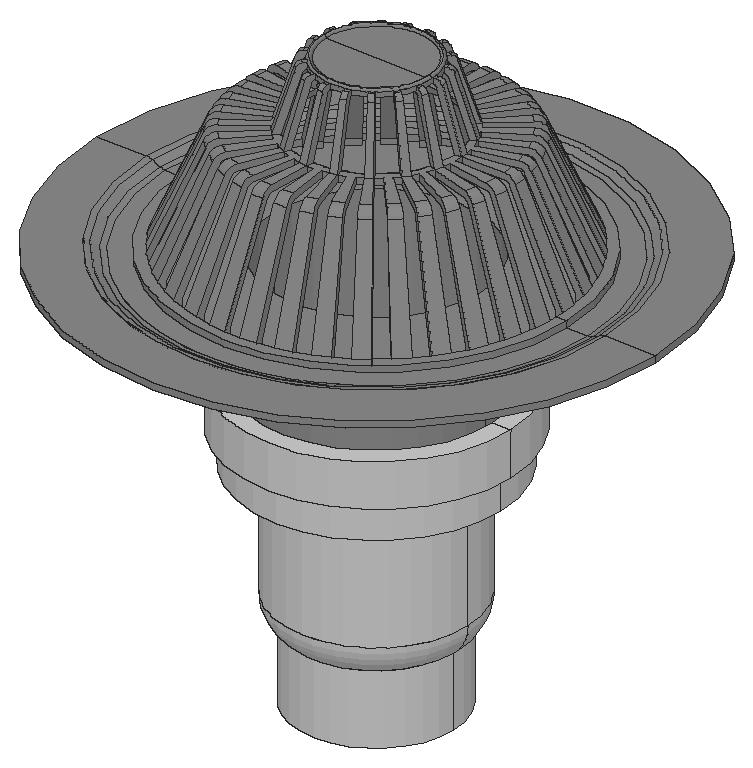
Revit family "PX_SEQ_HyDrain-Bottom-Outlet-75mm_PC097803", category Plumbing Fixtures, Revit 2016
Family settings
  Part Type = Normal
  Round Connector Dimension = Use Diameter
  Work Plane-Based = No
  Always vertical = Yes
  Cut with Voids When Loaded = No
  Shared = No
  Room Calculation Point = No
Parameters (values of type "HyDrain Complete   75mm  OD Vertical")
  URL for TCP = "http://www.tcpbim.co.za"
  URL = "https://seaqual.co.za/collections/external-surface-drains/products/hydrain-complete-75mm-bottom-outlet"
  Type Comments = "HyDrain Complete 75 B/O 75mm  OD Vertical"
  Rubber = Rubber
  Plastic = Plastic
  Model = "097703"
  Manufacturer = "Seaqual"
  Made by = "Tolani Civil Projects cc"
  ASAQS Code = "6.605.10"
Reference planes
  plane 1 "Center (Front/Back)": y = 0
  plane 2: z = 0
  plane 3 "Center (Left/Right)": x = 0
  plane 4: z = 4
  plane 5: z = -5
  plane 6: x = -63
  plane 7: x = -64.439
  plane 8: x = -60.879
  plane 9: z = -33
  plane 10: x = -50.079
  plane 11: x = -47.079
  plane 12: z = -108.9
  plane 13: z = -105.9
  plane 14: z = -2
  plane 15: x = 86.5
  plane 16: z = -68.6
  plane 17: x = -56.6
  plane 18: z = 2
  plane 19: z = -13.7
  plane 20: x = 64.439
  plane 21: x = 60.359
  plane 22: z = 0
  plane 23: x = 51.639
  plane 24: z = 1
  plane 25: z = -6.771
  plane 26: x = 58.359
  plane 27: x = 60.875
  plane 28: x = 52.5
  plane 29: x = -51.8
  plane 30: x = -48.8
  plane 31: z = -104.2
  plane 32: z = -101.2
  plane 33: x = -37.5
  plane 34: x = -34.5
  plane 35: z = -136.4
  plane 36: z = -16.7
  plane 37: z = -30
  plane 38: x = -67.439
  plane 39: x = -53.6
  plane 40: x = -44.6
  plane 41: x = -41.6
  plane 42: x = -59.6
  plane 43: x = -64.132
  plane 44: z = 59.011
  plane 45: z = 55.17
Forms (mm)
  Revolve 1, solid, material "Rubber" <- "Rubber"
    sketch origin (0, 0, 0) x (1, 0, 0) y (0, 0, 1)
      loop
        line (60.875, 1) -> (64.439, 1) -> (64.439, 2) -> (60.359, 2) -> (60.359, 1)
        arc (60.359, 1) -> (59.157, -3.486) -> (55.873, -6.771) r 8.973
        line (55.873, -6.771) -> (58.359, -6.771)
        arc (58.359, -6.771) -> (55.621, -10.397) -> (52.5, -13.7) r 41.305
        line (52.5, -13.7) -> (60.875, -13.7) -> (60.875, 1)
      axis (0, 2) -> (0, -13.7)
    angle from 0 to 360
  Revolve 2, solid, material "Plastic" <- "Plastic"
    sketch origin (0, 0, 0) x (1, 0, 0) y (0, 0, 1)
      loop
        line (-37.5, -94.479) -> (-37.5, -136.4) -> (-34.5, -136.4) -> (-34.5, -94.479) -> (-37.5, -94.479)
      axis (0, -94.479) -> (0, -136.4)
    angle from 0 to 360
  Extrusion 3, void
    sketch origin (0, 0, 0) x (1, 0, 0) y (0, 1, 0)
      loop
        circle (0, 0) r 34.5
    from -136.4 to -101.2
  Revolve 4, solid, material "Plastic" <- "Plastic"
    sketch origin (0, 0, 0) x (1, 0, 0) y (0, 0, 1)
      loop
        line (-56.6, 2) -> (-56.6, 4) -> (-65.43, 4) -> (-65.43, -16.7) -> (-60.53, -16.7) -> (-60.53, -33) -> (-44.6, -33) -> (-44.6, -88.592)
        arc (-44.6, -88.592) -> (-39.531, -100.831) -> (-27.292, -105.9) r 17.308
        line (-27.292, -105.9) -> (0, -105.9) -> (0, -101.2) -> (-26.6, -101.2)
        arc (-26.6, -101.2) -> (-37.207, -96.807) -> (-41.6, -86.2) r 15
        line (-41.6, -86.2) -> (-41.6, -30) -> (-44.6, -30) -> (-56.6, -30) -> (-56.6, -13.7) -> (-62.43, -13.7) -> (-62.43, 2) -> (-56.6, 2)
      axis (0, 4) -> (0, -105.9)
    angle from 0 to 360
Cuts and joins
  Extrusion 3 cuts Revolve 2
  Extrusion 3 cuts Revolve 4
  joined: Revolve 2, Revolve 4
Dimensions and locks
  locked: plane 10 to plane 8 at 10.8
  locked: plane 11 to plane 10 at 3
  locked: plane 8 to plane 6 at 2.121
  locked: plane 6 to plane 7 at 1.439
  locked: plane 4 to level at 4
  locked: level to plane 5 at 5
  locked: plane 5 to plane 9 at 28
  locked: plane 13 to plane 12 at 3
  locked: plane 28 to plane 3 "Center (Left/Right)" at 52.5
  Revolve 1 sketch curve to Revolve 1 sketch curve to plane 27 = 2.486 mm locked, 2.515 mm locked
  Revolve 2 sketch curve to plane 12 to Revolve 2 sketch curve = 27.5 mm, 14.421 mm
  locked: plane 44 to plane 4 at 55.011
  locked: plane 45 to plane 4 at 51.17
  aligned and locked: level to plane 2
  aligned and locked: plane 27 to Revolve 1 sketch curve  (x2)
  aligned and locked: Revolve 1 sketch curve to plane 24
  aligned and locked: plane 20 to Revolve 1 sketch curve
  aligned and locked: plane 21 to Revolve 1 sketch curve
  aligned and locked: plane 19 to Revolve 1 sketch curve
  aligned and locked: Revolve 1 sketch curve to plane 21
  aligned and locked: plane 28 to Revolve 1 sketch curve
  aligned and locked: plane 18 to Revolve 1 sketch curve
  aligned and locked: plane 25 to Revolve 1 sketch curve
  aligned and locked: Revolve 1 sketch curve to plane 3 "Center (Left/Right)"
  aligned and locked: plane 33 to Revolve 2 sketch curve
  aligned and locked: plane 35 to Revolve 2 sketch curve
  aligned and locked: Revolve 2 sketch curve to plane 3 "Center (Left/Right)"
  aligned and locked: Extrusion 3 sketch curve to Revolve 2  (x2)
  aligned and locked: Revolve 2 to Extrusion 3
  aligned and locked: plane 32 to Extrusion 3
  aligned and locked: plane 18 to Revolve 4 sketch curve  (x2)
  aligned and locked: plane 4 to Revolve 4 sketch curve  (x2)
  aligned and locked: Revolve 4 sketch curve to Revolve 1  (x2)
  aligned and locked: plane 17 to Revolve 4 sketch curve  (x2)
  aligned and locked: Revolve 4 sketch curve to plane 36
  aligned and locked: Revolve 4 sketch curve to plane 17
  aligned and locked: plane 40 to Revolve 4 sketch curve  (x3)
  aligned and locked: plane 9 to Revolve 4 sketch curve
  aligned and locked: Revolve 4 sketch curve to plane 37  (x2)
  aligned and locked: plane 41 to Revolve 4 sketch curve
  aligned and locked: Revolve 4 sketch curve to plane 41
  aligned and locked: Revolve 4 sketch curve to plane 32
  aligned and locked: plane 13 to Revolve 4 sketch curve
  aligned and locked: Revolve 4 sketch curve to plane 3 "Center (Left/Right)"
  aligned and locked: Revolve 4 sketch curve to Revolve 4 sketch curve
  aligned and locked: plane 36 to Revolve 4 sketch curve
  aligned and locked: plane 1 "Center (Front/Back)" to nested 1
  aligned and locked: plane 3 "Center (Left/Right)" to nested 1
  aligned and locked: nested 1 to cut or joined group of Revolve 2, Extrusion 3, Revolve 4
Nested families
  nested 1: "PX_SEQ_Hydrain-Full-Bore-110mm_PC097704" at (0, 0, 55), type "Hydrain Full-Bore 110mm"
Connectors
  piping at (0, 0, -136.4), diameter 75
    settings: on cut or joined group of Revolve 2, Extrusion 3, Revolve 4, index 1, connector inside diameter 609.6 mm, connector length 0 mm, flow factor 0, pipe flow 0.0 L/s, pressure drop 0.0 Pa, fitting loss kfactor 0, connector angle 0.00°, fixture units 0, engagement length 0 mm, angle of deflection 0.00°, flow configuration 0, flow direction 0, fitting loss method 0, system type 16, joint type 0, gender type 0, connector reference index -1, connector utility 0, adjustable connector no, is connector primary yes, connector description ""
Definition of nested family "PX_SEQ_Hydrain-Full-Bore-110mm_PC097704"
  Parameters (values of type "Hydrain Full-Bore 110mm")
    URL = "https://seaqual.co.za/collections/all"
    Type Comments = "Hydrain Full-Bore 110mm"
    Tolani Civil Projects cc URL = "www.tcpbim.co.za"
    Model = "097704"
    Manufacturer = "Seaqual"
    Created By = "Tolani Civil Projects cc"
    Black Plastic = none
    ASAQS Code = "6.605.10"
  Reference planes
    plane 1 "Center (Front/Back)": y = 0
    plane 2: z = 0
    plane 3 "Center (Left/Right)": x = 0
    plane 4: x = -135.5
    plane 5: z = 3
    plane 6: z = 6
    plane 7: x = -85.5
    plane 8: x = -82.5
    plane 9: x = -79.5
    plane 10: x = -80.5
    plane 11: z = -85
    plane 12: z = 58
    plane 13: z = 89
    plane 14: x = -92.5
    plane 15: x = -69
    plane 16: x = -40
    plane 17: x = -30
  Forms (mm)
    Revolve 1, solid, material <- "Black Plastic"
      sketch origin (0, 0, 0) x (1, 0, 0) y (0, 0, 1)
        loop
          line (-50, -85) -> (-50, 3) -> (-84.208, 3) -> (-84.208, 6) -> (-62.861, 53.235)
          arc (-62.861, 53.235) -> (-61.754, 54.521) -> (-60.127, 55) r 3
          line (-60.127, 55) -> (-37.816, 55) -> (-28.486, 83.921)
          arc (-28.486, 83.921) -> (-27.397, 85.425) -> (-25.631, 86) r 3
          line (-25.631, 86) -> (0, 86) -> (0, 88) -> (-24.565, 88)
          arc (-24.565, 88) -> (-24.863, 88.712) -> (-25.578, 89) r 1
          arc (-25.578, 89) -> (-26.293, 88.712) -> (-26.59, 88) r 1
          line (-26.59, 88) -> (-28.138, 88)
          arc (-28.138, 88) -> (-29.904, 87.425) -> (-30.993, 85.921) r 3
          line (-30.993, 85.921) -> (-40, 58) -> (-60.127, 58)
          arc (-60.127, 58) -> (-63.381, 57.041) -> (-65.595, 54.471) r 6
          line (-65.595, 54.471) -> (-87.5, 6) -> (-92.5, 6) -> (-92.5, 3) -> (-102.584, 3)
          arc (-102.584, 3) -> (-103.962, 3.161) -> (-105.267, 3.633) r 6
          line (-105.267, 3.633) -> (-108.733, 5.367)
          arc (-108.733, 5.367) -> (-110.038, 5.839) -> (-111.416, 6) r 6
          line (-111.416, 6) -> (-135.5, 6) -> (-135.5, 3) -> (-111.416, 3)
          arc (-111.416, 3) -> (-110.038, 2.839) -> (-108.733, 2.367) r 6
          line (-108.733, 2.367) -> (-105.267, 0.633)
          arc (-105.267, 0.633) -> (-103.962, 0.161) -> (-102.584, 0) r 6
          line (-102.584, 0) -> (-53, 0) -> (-53, -85) -> (-50, -85)
        axis (0, 89) -> (0, -85)
      angle from 0 to 360
    Extrusion 2, void
      sketch origin (0, 0, 0) x (1, 0, 0) y (0, 1, 0)
        loop
          line (1.745, 39.962) -> (3.817, 87.417)
          arc (3.817, 87.417) -> (0, 87.5) -> (-3.817, 87.417) r 87.5
          line (-3.817, 87.417) -> (-1.745, 39.962)
          arc (-1.745, 39.962) -> (0, 40) -> (1.745, 39.962) r 40
      from 3 to 58
    Extrusion 3, void
      sketch origin (0, 0, 0) x (0.984808, 0.173648, 0) y (-0.173648, 0.984808, 0)
        loop
          line (1.745, 39.962) -> (3.817, 87.417)
          arc (3.817, 87.417) -> (0, 87.5) -> (-3.817, 87.417) r 87.5
          line (-3.817, 87.417) -> (-1.745, 39.962)
          arc (-1.745, 39.962) -> (0, 40) -> (1.745, 39.962) r 40
      from 3 to 58
    Extrusion 4, void
      sketch origin (0, 0, 0) x (0.939693, 0.34202, 0) y (-0.34202, 0.939693, 0)
        loop
          line (1.745, 39.962) -> (3.817, 87.417)
          arc (3.817, 87.417) -> (0, 87.5) -> (-3.817, 87.417) r 87.5
          line (-3.817, 87.417) -> (-1.745, 39.962)
          arc (-1.745, 39.962) -> (0, 40) -> (1.745, 39.962) r 40
      from 3 to 58
    Extrusion 5, void
      sketch origin (0, 0, 0) x (0.866025, 0.5, 0) y (-0.5, 0.866025, 0)
        loop
          line (1.745, 39.962) -> (3.817, 87.417)
          arc (3.817, 87.417) -> (0, 87.5) -> (-3.817, 87.417) r 87.5
          line (-3.817, 87.417) -> (-1.745, 39.962)
          arc (-1.745, 39.962) -> (0, 40) -> (1.745, 39.962) r 40
      from 3 to 58
    Extrusion 6, void
      sketch origin (0, 0, 0) x (0.766044, 0.642788, 0) y (-0.642788, 0.766044, 0)
        loop
          line (1.745, 39.962) -> (3.817, 87.417)
          arc (3.817, 87.417) -> (0, 87.5) -> (-3.817, 87.417) r 87.5
          line (-3.817, 87.417) -> (-1.745, 39.962)
          arc (-1.745, 39.962) -> (0, 40) -> (1.745, 39.962) r 40
      from 3 to 58
    Extrusion 7, void
      sketch origin (0, 0, 0) x (0.642788, 0.766044, 0) y (-0.766044, 0.642788, 0)
        loop
          line (1.745, 39.962) -> (3.817, 87.417)
          arc (3.817, 87.417) -> (0, 87.5) -> (-3.817, 87.417) r 87.5
          line (-3.817, 87.417) -> (-1.745, 39.962)
          arc (-1.745, 39.962) -> (0, 40) -> (1.745, 39.962) r 40
      from 3 to 58
    Extrusion 8, void
      sketch origin (0, 0, 0) x (0.5, 0.866025, 0) y (-0.866025, 0.5, 0)
        loop
          line (1.745, 39.962) -> (3.817, 87.417)
          arc (3.817, 87.417) -> (0, 87.5) -> (-3.817, 87.417) r 87.5
          line (-3.817, 87.417) -> (-1.745, 39.962)
          arc (-1.745, 39.962) -> (0, 40) -> (1.745, 39.962) r 40
      from 3 to 58
    Extrusion 9, void
      sketch origin (0, 0, 0) x (0.34202, 0.939693, 0) y (-0.939693, 0.34202, 0)
        loop
          line (1.745, 39.962) -> (3.817, 87.417)
          arc (3.817, 87.417) -> (0, 87.5) -> (-3.817, 87.417) r 87.5
          line (-3.817, 87.417) -> (-1.745, 39.962)
          arc (-1.745, 39.962) -> (0, 40) -> (1.745, 39.962) r 40
      from 3 to 58
    Extrusion 10, void
      sketch origin (0, 0, 0) x (0.173648, 0.984808, 0) y (-0.984808, 0.173648, 0)
        loop
          line (1.745, 39.962) -> (3.817, 87.417)
          arc (3.817, 87.417) -> (0, 87.5) -> (-3.817, 87.417) r 87.5
          line (-3.817, 87.417) -> (-1.745, 39.962)
          arc (-1.745, 39.962) -> (0, 40) -> (1.745, 39.962) r 40
      from 3 to 58
    Extrusion 11, void
      sketch origin (0, 0, 0) x (0, 1, 0) y (-1, 0, 0)
        loop
          line (1.745, 39.962) -> (3.817, 87.417)
          arc (3.817, 87.417) -> (0, 87.5) -> (-3.817, 87.417) r 87.5
          line (-3.817, 87.417) -> (-1.745, 39.962)
          arc (-1.745, 39.962) -> (0, 40) -> (1.745, 39.962) r 40
      from 3 to 58
    Extrusion 12, void
      sketch origin (0, 0, 0) x (-0.173648, 0.984808, 0) y (-0.984808, -0.173648, 0)
        loop
          line (1.745, 39.962) -> (3.817, 87.417)
          arc (3.817, 87.417) -> (0, 87.5) -> (-3.817, 87.417) r 87.5
          line (-3.817, 87.417) -> (-1.745, 39.962)
          arc (-1.745, 39.962) -> (0, 40) -> (1.745, 39.962) r 40
      from 3 to 58
    Extrusion 13, void
      sketch origin (0, 0, 0) x (-0.34202, 0.939693, 0) y (-0.939693, -0.34202, 0)
        loop
          line (1.745, 39.962) -> (3.817, 87.417)
          arc (3.817, 87.417) -> (0, 87.5) -> (-3.817, 87.417) r 87.5
          line (-3.817, 87.417) -> (-1.745, 39.962)
          arc (-1.745, 39.962) -> (0, 40) -> (1.745, 39.962) r 40
      from 3 to 58
    Extrusion 14, void
      sketch origin (0, 0, 0) x (-0.5, 0.866025, 0) y (-0.866025, -0.5, 0)
        loop
          line (1.745, 39.962) -> (3.817, 87.417)
          arc (3.817, 87.417) -> (0, 87.5) -> (-3.817, 87.417) r 87.5
          line (-3.817, 87.417) -> (-1.745, 39.962)
          arc (-1.745, 39.962) -> (0, 40) -> (1.745, 39.962) r 40
      from 3 to 58
    Extrusion 15, void
      sketch origin (0, 0, 0) x (-0.642788, 0.766044, 0) y (-0.766044, -0.642788, 0)
        loop
          line (1.745, 39.962) -> (3.817, 87.417)
          arc (3.817, 87.417) -> (0, 87.5) -> (-3.817, 87.417) r 87.5
          line (-3.817, 87.417) -> (-1.745, 39.962)
          arc (-1.745, 39.962) -> (0, 40) -> (1.745, 39.962) r 40
      from 3 to 58
    Extrusion 16, void
      sketch origin (0, 0, 0) x (-0.766044, 0.642788, 0) y (-0.642788, -0.766044, 0)
        loop
          line (1.745, 39.962) -> (3.817, 87.417)
          arc (3.817, 87.417) -> (0, 87.5) -> (-3.817, 87.417) r 87.5
          line (-3.817, 87.417) -> (-1.745, 39.962)
          arc (-1.745, 39.962) -> (0, 40) -> (1.745, 39.962) r 40
      from 3 to 58
    Extrusion 17, void
      sketch origin (0, 0, 0) x (-0.866025, 0.5, 0) y (-0.5, -0.866025, 0)
        loop
          line (1.745, 39.962) -> (3.817, 87.417)
          arc (3.817, 87.417) -> (0, 87.5) -> (-3.817, 87.417) r 87.5
          line (-3.817, 87.417) -> (-1.745, 39.962)
          arc (-1.745, 39.962) -> (0, 40) -> (1.745, 39.962) r 40
      from 3 to 58
    Extrusion 18, void
      sketch origin (0, 0, 0) x (-0.939693, 0.34202, 0) y (-0.34202, -0.939693, 0)
        loop
          line (1.745, 39.962) -> (3.817, 87.417)
          arc (3.817, 87.417) -> (0, 87.5) -> (-3.817, 87.417) r 87.5
          line (-3.817, 87.417) -> (-1.745, 39.962)
          arc (-1.745, 39.962) -> (0, 40) -> (1.745, 39.962) r 40
      from 3 to 58
    Extrusion 19, void
      sketch origin (0, 0, 0) x (-0.984808, 0.173648, 0) y (-0.173648, -0.984808, 0)
        loop
          line (1.745, 39.962) -> (3.817, 87.417)
          arc (3.817, 87.417) -> (0, 87.5) -> (-3.817, 87.417) r 87.5
          line (-3.817, 87.417) -> (-1.745, 39.962)
          arc (-1.745, 39.962) -> (0, 40) -> (1.745, 39.962) r 40
      from 3 to 58
    Extrusion 20, void
      sketch origin (0, 0, 0) x (-1, 0, 0) y (0, -1, 0)
        loop
          line (1.745, 39.962) -> (3.817, 87.417)
          arc (3.817, 87.417) -> (0, 87.5) -> (-3.817, 87.417) r 87.5
          line (-3.817, 87.417) -> (-1.745, 39.962)
          arc (-1.745, 39.962) -> (0, 40) -> (1.745, 39.962) r 40
      from 3 to 58
    Extrusion 21, void
      sketch origin (0, 0, 0) x (-0.984808, -0.173648, 0) y (0.173648, -0.984808, 0)
        loop
          line (1.745, 39.962) -> (3.817, 87.417)
          arc (3.817, 87.417) -> (0, 87.5) -> (-3.817, 87.417) r 87.5
          line (-3.817, 87.417) -> (-1.745, 39.962)
          arc (-1.745, 39.962) -> (0, 40) -> (1.745, 39.962) r 40
      from 3 to 58
    Extrusion 22, void
      sketch origin (0, 0, 0) x (-0.939693, -0.34202, 0) y (0.34202, -0.939693, 0)
        loop
          line (1.745, 39.962) -> (3.817, 87.417)
          arc (3.817, 87.417) -> (0, 87.5) -> (-3.817, 87.417) r 87.5
          line (-3.817, 87.417) -> (-1.745, 39.962)
          arc (-1.745, 39.962) -> (0, 40) -> (1.745, 39.962) r 40
      from 3 to 58
    Extrusion 23, void
      sketch origin (0, 0, 0) x (-0.866025, -0.5, 0) y (0.5, -0.866025, 0)
        loop
          line (1.745, 39.962) -> (3.817, 87.417)
          arc (3.817, 87.417) -> (0, 87.5) -> (-3.817, 87.417) r 87.5
          line (-3.817, 87.417) -> (-1.745, 39.962)
          arc (-1.745, 39.962) -> (0, 40) -> (1.745, 39.962) r 40
      from 3 to 58
    Extrusion 24, void
      sketch origin (0, 0, 0) x (-0.766044, -0.642788, 0) y (0.642788, -0.766044, 0)
        loop
          line (1.745, 39.962) -> (3.817, 87.417)
          arc (3.817, 87.417) -> (0, 87.5) -> (-3.817, 87.417) r 87.5
          line (-3.817, 87.417) -> (-1.745, 39.962)
          arc (-1.745, 39.962) -> (0, 40) -> (1.745, 39.962) r 40
      from 3 to 58
    Extrusion 25, void
      sketch origin (0, 0, 0) x (-0.642788, -0.766044, 0) y (0.766044, -0.642788, 0)
        loop
          line (1.745, 39.962) -> (3.817, 87.417)
          arc (3.817, 87.417) -> (0, 87.5) -> (-3.817, 87.417) r 87.5
          line (-3.817, 87.417) -> (-1.745, 39.962)
          arc (-1.745, 39.962) -> (0, 40) -> (1.745, 39.962) r 40
      from 3 to 58
    Extrusion 26, void
      sketch origin (0, 0, 0) x (-0.5, -0.866025, 0) y (0.866025, -0.5, 0)
        loop
          line (1.745, 39.962) -> (3.817, 87.417)
          arc (3.817, 87.417) -> (0, 87.5) -> (-3.817, 87.417) r 87.5
          line (-3.817, 87.417) -> (-1.745, 39.962)
          arc (-1.745, 39.962) -> (0, 40) -> (1.745, 39.962) r 40
      from 3 to 58
    Extrusion 27, void
      sketch origin (0, 0, 0) x (-0.34202, -0.939693, 0) y (0.939693, -0.34202, 0)
        loop
          line (1.745, 39.962) -> (3.817, 87.417)
          arc (3.817, 87.417) -> (0, 87.5) -> (-3.817, 87.417) r 87.5
          line (-3.817, 87.417) -> (-1.745, 39.962)
          arc (-1.745, 39.962) -> (0, 40) -> (1.745, 39.962) r 40
      from 3 to 58
    Extrusion 28, void
      sketch origin (0, 0, 0) x (-0.173648, -0.984808, 0) y (0.984808, -0.173648, 0)
        loop
          line (1.745, 39.962) -> (3.817, 87.417)
          arc (3.817, 87.417) -> (0, 87.5) -> (-3.817, 87.417) r 87.5
          line (-3.817, 87.417) -> (-1.745, 39.962)
          arc (-1.745, 39.962) -> (0, 40) -> (1.745, 39.962) r 40
      from 3 to 58
    Extrusion 29, void
      sketch origin (0, 0, 0) x (0, -1, 0) y (1, 0, 0)
        loop
          line (1.745, 39.962) -> (3.817, 87.417)
          arc (3.817, 87.417) -> (0, 87.5) -> (-3.817, 87.417) r 87.5
          line (-3.817, 87.417) -> (-1.745, 39.962)
          arc (-1.745, 39.962) -> (0, 40) -> (1.745, 39.962) r 40
      from 3 to 58
    Extrusion 30, void
      sketch origin (0, 0, 0) x (0.173648, -0.984808, 0) y (0.984808, 0.173648, 0)
        loop
          line (1.745, 39.962) -> (3.817, 87.417)
          arc (3.817, 87.417) -> (0, 87.5) -> (-3.817, 87.417) r 87.5
          line (-3.817, 87.417) -> (-1.745, 39.962)
          arc (-1.745, 39.962) -> (0, 40) -> (1.745, 39.962) r 40
      from 3 to 58
    Extrusion 31, void
      sketch origin (0, 0, 0) x (0.34202, -0.939693, 0) y (0.939693, 0.34202, 0)
        loop
          line (1.745, 39.962) -> (3.817, 87.417)
          arc (3.817, 87.417) -> (0, 87.5) -> (-3.817, 87.417) r 87.5
          line (-3.817, 87.417) -> (-1.745, 39.962)
          arc (-1.745, 39.962) -> (0, 40) -> (1.745, 39.962) r 40
      from 3 to 58
    Extrusion 32, void
      sketch origin (0, 0, 0) x (0.5, -0.866025, 0) y (0.866025, 0.5, 0)
        loop
          line (1.745, 39.962) -> (3.817, 87.417)
          arc (3.817, 87.417) -> (0, 87.5) -> (-3.817, 87.417) r 87.5
          line (-3.817, 87.417) -> (-1.745, 39.962)
          arc (-1.745, 39.962) -> (0, 40) -> (1.745, 39.962) r 40
      from 3 to 58
    Extrusion 33, void
      sketch origin (0, 0, 0) x (0.642788, -0.766044, 0) y (0.766044, 0.642788, 0)
        loop
          line (1.745, 39.962) -> (3.817, 87.417)
          arc (3.817, 87.417) -> (0, 87.5) -> (-3.817, 87.417) r 87.5
          line (-3.817, 87.417) -> (-1.745, 39.962)
          arc (-1.745, 39.962) -> (0, 40) -> (1.745, 39.962) r 40
      from 3 to 58
    Extrusion 34, void
      sketch origin (0, 0, 0) x (0.766044, -0.642788, 0) y (0.642788, 0.766044, 0)
        loop
          line (1.745, 39.962) -> (3.817, 87.417)
          arc (3.817, 87.417) -> (0, 87.5) -> (-3.817, 87.417) r 87.5
          line (-3.817, 87.417) -> (-1.745, 39.962)
          arc (-1.745, 39.962) -> (0, 40) -> (1.745, 39.962) r 40
      from 3 to 58
    Extrusion 35, void
      sketch origin (0, 0, 0) x (0.866025, -0.5, 0) y (0.5, 0.866025, 0)
        loop
          line (1.745, 39.962) -> (3.817, 87.417)
          arc (3.817, 87.417) -> (0, 87.5) -> (-3.817, 87.417) r 87.5
          line (-3.817, 87.417) -> (-1.745, 39.962)
          arc (-1.745, 39.962) -> (0, 40) -> (1.745, 39.962) r 40
      from 3 to 58
    Extrusion 36, void
      sketch origin (0, 0, 0) x (0.939693, -0.34202, 0) y (0.34202, 0.939693, 0)
        loop
          line (1.745, 39.962) -> (3.817, 87.417)
          arc (3.817, 87.417) -> (0, 87.5) -> (-3.817, 87.417) r 87.5
          line (-3.817, 87.417) -> (-1.745, 39.962)
          arc (-1.745, 39.962) -> (0, 40) -> (1.745, 39.962) r 40
      from 3 to 58
    Extrusion 37, void
      sketch origin (0, 0, 0) x (0.984808, -0.173648, 0) y (0.173648, 0.984808, 0)
        loop
          line (1.745, 39.962) -> (3.817, 87.417)
          arc (3.817, 87.417) -> (0, 87.5) -> (-3.817, 87.417) r 87.5
          line (-3.817, 87.417) -> (-1.745, 39.962)
          arc (-1.745, 39.962) -> (0, 40) -> (1.745, 39.962) r 40
      from 3 to 58
    Extrusion 38, void
      sketch origin (0, 0, 0) x (1, 0, 0) y (0, 1, 0)
        loop
          line (1.16, 26.565) -> (1.745, 39.962)
          arc (1.745, 39.962) -> (-3.486, 39.848) -> (-8.658, 39.052) r 40
          line (-8.658, 39.052) -> (-5.755, 25.96)
          arc (-5.755, 25.96) -> (-2.318, 26.489) -> (1.16, 26.565) r 26.59
      from 58 to 88
    Extrusion 39, void
      sketch origin (0, 0, 0) x (0.939693, 0.34202, 0) y (-0.34202, 0.939693, 0)
        loop
          line (1.16, 26.565) -> (1.745, 39.962)
          arc (1.745, 39.962) -> (-3.486, 39.848) -> (-8.658, 39.052) r 40
          line (-8.658, 39.052) -> (-5.755, 25.96)
          arc (-5.755, 25.96) -> (-2.318, 26.489) -> (1.16, 26.565) r 26.59
      from 58 to 88
    Extrusion 40, void
      sketch origin (0, 0, 0) x (0.766044, 0.642788, 0) y (-0.642788, 0.766044, 0)
        loop
          line (1.16, 26.565) -> (1.745, 39.962)
          arc (1.745, 39.962) -> (-3.486, 39.848) -> (-8.658, 39.052) r 40
          line (-8.658, 39.052) -> (-5.755, 25.96)
          arc (-5.755, 25.96) -> (-2.318, 26.489) -> (1.16, 26.565) r 26.59
      from 58 to 88
    Extrusion 41, void
      sketch origin (0, 0, 0) x (0.5, 0.866025, 0) y (-0.866025, 0.5, 0)
        loop
          line (1.16, 26.565) -> (1.745, 39.962)
          arc (1.745, 39.962) -> (-3.486, 39.848) -> (-8.658, 39.052) r 40
          line (-8.658, 39.052) -> (-5.755, 25.96)
          arc (-5.755, 25.96) -> (-2.318, 26.489) -> (1.16, 26.565) r 26.59
      from 58 to 88
    Extrusion 42, void
      sketch origin (0, 0, 0) x (0.173648, 0.984808, 0) y (-0.984808, 0.173648, 0)
        loop
          line (1.16, 26.565) -> (1.745, 39.962)
          arc (1.745, 39.962) -> (-3.486, 39.848) -> (-8.658, 39.052) r 40
          line (-8.658, 39.052) -> (-5.755, 25.96)
          arc (-5.755, 25.96) -> (-2.318, 26.489) -> (1.16, 26.565) r 26.59
      from 58 to 88
    Extrusion 43, void
      sketch origin (0, 0, 0) x (-0.173648, 0.984808, 0) y (-0.984808, -0.173648, 0)
        loop
          line (1.16, 26.565) -> (1.745, 39.962)
          arc (1.745, 39.962) -> (-3.486, 39.848) -> (-8.658, 39.052) r 40
          line (-8.658, 39.052) -> (-5.755, 25.96)
          arc (-5.755, 25.96) -> (-2.318, 26.489) -> (1.16, 26.565) r 26.59
      from 58 to 88
    Extrusion 44, void
      sketch origin (0, 0, 0) x (-0.5, 0.866025, 0) y (-0.866025, -0.5, 0)
        loop
          line (1.16, 26.565) -> (1.745, 39.962)
          arc (1.745, 39.962) -> (-3.486, 39.848) -> (-8.658, 39.052) r 40
          line (-8.658, 39.052) -> (-5.755, 25.96)
          arc (-5.755, 25.96) -> (-2.318, 26.489) -> (1.16, 26.565) r 26.59
      from 58 to 88
    Extrusion 45, void
      sketch origin (0, 0, 0) x (-0.766044, 0.642788, 0) y (-0.642788, -0.766044, 0)
        loop
          line (1.16, 26.565) -> (1.745, 39.962)
          arc (1.745, 39.962) -> (-3.486, 39.848) -> (-8.658, 39.052) r 40
          line (-8.658, 39.052) -> (-5.755, 25.96)
          arc (-5.755, 25.96) -> (-2.318, 26.489) -> (1.16, 26.565) r 26.59
      from 58 to 88
    Extrusion 46, void
      sketch origin (0, 0, 0) x (-0.939693, 0.34202, 0) y (-0.34202, -0.939693, 0)
        loop
          line (1.16, 26.565) -> (1.745, 39.962)
          arc (1.745, 39.962) -> (-3.486, 39.848) -> (-8.658, 39.052) r 40
          line (-8.658, 39.052) -> (-5.755, 25.96)
          arc (-5.755, 25.96) -> (-2.318, 26.489) -> (1.16, 26.565) r 26.59
      from 58 to 88
    Extrusion 47, void
      sketch origin (0, 0, 0) x (-1, 0, 0) y (0, -1, 0)
        loop
          line (1.16, 26.565) -> (1.745, 39.962)
          arc (1.745, 39.962) -> (-3.486, 39.848) -> (-8.658, 39.052) r 40
          line (-8.658, 39.052) -> (-5.755, 25.96)
          arc (-5.755, 25.96) -> (-2.318, 26.489) -> (1.16, 26.565) r 26.59
      from 58 to 88
    Extrusion 48, void
      sketch origin (0, 0, 0) x (-0.939693, -0.34202, 0) y (0.34202, -0.939693, 0)
        loop
          line (1.16, 26.565) -> (1.745, 39.962)
          arc (1.745, 39.962) -> (-3.486, 39.848) -> (-8.658, 39.052) r 40
          line (-8.658, 39.052) -> (-5.755, 25.96)
          arc (-5.755, 25.96) -> (-2.318, 26.489) -> (1.16, 26.565) r 26.59
      from 58 to 88
    Extrusion 49, void
      sketch origin (0, 0, 0) x (-0.766044, -0.642788, 0) y (0.642788, -0.766044, 0)
        loop
          line (1.16, 26.565) -> (1.745, 39.962)
          arc (1.745, 39.962) -> (-3.486, 39.848) -> (-8.658, 39.052) r 40
          line (-8.658, 39.052) -> (-5.755, 25.96)
          arc (-5.755, 25.96) -> (-2.318, 26.489) -> (1.16, 26.565) r 26.59
      from 58 to 88
    Extrusion 50, void
      sketch origin (0, 0, 0) x (-0.5, -0.866025, 0) y (0.866025, -0.5, 0)
        loop
          line (1.16, 26.565) -> (1.745, 39.962)
          arc (1.745, 39.962) -> (-3.486, 39.848) -> (-8.658, 39.052) r 40
          line (-8.658, 39.052) -> (-5.755, 25.96)
          arc (-5.755, 25.96) -> (-2.318, 26.489) -> (1.16, 26.565) r 26.59
      from 58 to 88
    Extrusion 51, void
      sketch origin (0, 0, 0) x (-0.173648, -0.984808, 0) y (0.984808, -0.173648, 0)
        loop
          line (1.16, 26.565) -> (1.745, 39.962)
          arc (1.745, 39.962) -> (-3.486, 39.848) -> (-8.658, 39.052) r 40
          line (-8.658, 39.052) -> (-5.755, 25.96)
          arc (-5.755, 25.96) -> (-2.318, 26.489) -> (1.16, 26.565) r 26.59
      from 58 to 88
    Extrusion 52, void
      sketch origin (0, 0, 0) x (0.173648, -0.984808, 0) y (0.984808, 0.173648, 0)
        loop
          line (1.16, 26.565) -> (1.745, 39.962)
          arc (1.745, 39.962) -> (-3.486, 39.848) -> (-8.658, 39.052) r 40
          line (-8.658, 39.052) -> (-5.755, 25.96)
          arc (-5.755, 25.96) -> (-2.318, 26.489) -> (1.16, 26.565) r 26.59
      from 58 to 88
    Extrusion 53, void
      sketch origin (0, 0, 0) x (0.5, -0.866025, 0) y (0.866025, 0.5, 0)
        loop
          line (1.16, 26.565) -> (1.745, 39.962)
          arc (1.745, 39.962) -> (-3.486, 39.848) -> (-8.658, 39.052) r 40
          line (-8.658, 39.052) -> (-5.755, 25.96)
          arc (-5.755, 25.96) -> (-2.318, 26.489) -> (1.16, 26.565) r 26.59
      from 58 to 88
    Extrusion 54, void
      sketch origin (0, 0, 0) x (0.766044, -0.642788, 0) y (0.642788, 0.766044, 0)
        loop
          line (1.16, 26.565) -> (1.745, 39.962)
          arc (1.745, 39.962) -> (-3.486, 39.848) -> (-8.658, 39.052) r 40
          line (-8.658, 39.052) -> (-5.755, 25.96)
          arc (-5.755, 25.96) -> (-2.318, 26.489) -> (1.16, 26.565) r 26.59
      from 58 to 88
    Extrusion 55, void
      sketch origin (0, 0, 0) x (0.939693, -0.34202, 0) y (0.34202, 0.939693, 0)
        loop
          line (1.16, 26.565) -> (1.745, 39.962)
          arc (1.745, 39.962) -> (-3.486, 39.848) -> (-8.658, 39.052) r 40
          line (-8.658, 39.052) -> (-5.755, 25.96)
          arc (-5.755, 25.96) -> (-2.318, 26.489) -> (1.16, 26.565) r 26.59
      from 58 to 88
  Cuts and joins
    Extrusion 2, Extrusion 3, Extrusion 4, Extrusion 5, Extrusion 6, Extrusion 7, Extrusion 8, Extrusion 9, Extrusion 10, Extrusion 11, Extrusion 12, Extrusion 13, Extrusion 14, Extrusion 15, Extrusion 16, Extrusion 17, Extrusion 18, Extrusion 19, Extrusion 20, Extrusion 21, Extrusion 22, Extrusion 23, Extrusion 24, Extrusion 25, Extrusion 26, Extrusion 27, Extrusion 28, Extrusion 29, Extrusion 30, Extrusion 31, Extrusion 32, Extrusion 33, Extrusion 34, Extrusion 35, Extrusion 36, Extrusion 37, Extrusion 38, Extrusion 39, Extrusion 40, Extrusion 41, Extrusion 42, Extrusion 43, Extrusion 44, Extrusion 45, Extrusion 46, Extrusion 47, Extrusion 48, Extrusion 49, Extrusion 50, Extrusion 51, Extrusion 52, Extrusion 53, Extrusion 54, Extrusion 55 cuts Revolve 1
  Dimensions and locks
    locked: plane 3 "Center (Left/Right)" to plane 4 at 135.5
    plane 6 to plane 5 to level = 3 mm locked, 3 mm locked
    plane 9 to plane 8 to plane 7 to plane 4 = 3 mm locked, 3 mm locked, 50 mm locked
    locked: level to plane 11 at 85
    locked: plane 12 to plane 6 at 52
    locked: plane 13 to plane 12 at 31
    plane 3 "Center (Left/Right)" to plane 14 = 92.5 mm
    locked: plane 3 "Center (Left/Right)" to plane 15 at 69
    locked: plane 3 "Center (Left/Right)" to plane 16 at 40
    locked: plane 3 "Center (Left/Right)" to plane 17 at 30
    plane 3 "Center (Left/Right)" to plane 10 = 80.5 mm
    locked: Revolve 1 sketch curve to Revolve 1 sketch curve at 3  (x4)
    locked: Revolve 1 sketch curve to plane 14 at 8.292
    locked: plane 13 to Revolve 1 sketch curve at 1  (x2)
    locked: plane 13 to Revolve 1 sketch curve at 3
    Revolve 1 sketch curve to Revolve 1 sketch curve to plane 17 = 2.025 mm locked, 3.41 mm locked
    locked: plane 12 to Revolve 1 sketch curve at 3
    locked: Revolve 1 sketch curve to Revolve 1 sketch curve at 53
    aligned and locked: level to plane 2
    aligned and locked: plane 11 to Revolve 1 sketch curve
    aligned and locked: Revolve 1 sketch curve to level
    aligned and locked: Revolve 1 sketch curve to plane 5  (x2)
    aligned and locked: plane 5 to Revolve 1 sketch curve
    aligned and locked: Revolve 1 sketch curve to plane 6
    aligned and locked: Revolve 1 sketch curve to plane 4
    aligned and locked: plane 12 to Revolve 1 sketch curve
    aligned and locked: Revolve 1 sketch curve to plane 3 "Center (Left/Right)"  (x2)
    aligned and locked: plane 6 to Revolve 1 sketch curve
    aligned and locked: plane 14 to Revolve 1 sketch curve
    aligned and locked: Revolve 1 to Extrusion 2
    aligned and locked: Extrusion 38 to cut or joined group 1 (Revolve 1, Extrusion 2, Extrusion 3, Extrusion 4, Extrusion 5, Extrusion 6, Extrusion 7, Extrusion 8, Extrusion 9, Extrusion 10, Extrusion 11, Extrusion 12, Extrusion 13, Extrusion 14, Extrusion 15, Extrusion 16, Extrusion 17, Extrusion 18, Extrusion 19, Extrusion 20, Extrusion 21, Extrusion 22, Extrusion 23, Extrusion 24, Extrusion 25, Extrusion 26, Extrusion 27, Extrusion 28, Extrusion 29, Extrusion 30, Extrusion 31, Extrusion 32, Extrusion 33, Extrusion 34, Extrusion 35, Extrusion 36, Extrusion 37, Extrusion 38, Extrusion 39, Extrusion 40, Extrusion 41, Extrusion 42, Extrusion 43, Extrusion 44, Extrusion 45, Extrusion 46, Extrusion 47, Extrusion 48, Extrusion 49, Extrusion 50, Extrusion 51, Extrusion 52, Extrusion 53, Extrusion 54, Extrusion 55)
    aligned and locked: cut or joined group 1 to Extrusion 38
  Connectors
    piping at (0, 0, -85), diameter 110
      settings: on cut or joined group 1, index 1, connector inside diameter 609.6 mm, connector length 0 mm, flow factor 0, pipe flow 0.0 L/s, pressure drop 0.0 Pa, fitting loss kfactor 0, connector angle 0.00°, fixture units 0, engagement length 0 mm, angle of deflection 0.00°, flow configuration 0, flow direction 0, fitting loss method 0, system type 16, joint type 0, gender type 0, connector reference index -1, connector utility 0, adjustable connector no, is connector primary yes, connector description ""
